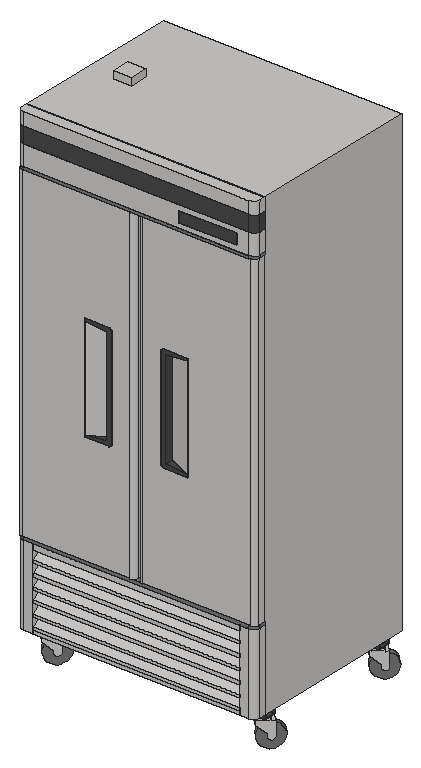
Revit family "QF_Turbo Air_TSR-35_49SD", category Specialty Equipment, Revit 2014
Parameters (values of type "TSR-35SD")
  Width = 39 1/2"
  Weight in Pounds = 357
  Watermarked By = "http://revitwatermark.com"
  Volts = 115 V
  URL Cutsheet = ""
  URL = ""
  Status [instance] = ""
  Specification by User [instance] = ""
  Specification by Manufacturer [instance] = ""
  Serial Number [instance] = ""
  Revision Code [instance] = ""
  Pressure Relief Valve = yes
  Phase = 1
  Number of Poles [instance] = 1
  NAFEM Spec ID Number [instance] = ""
  Model = "TSR-35SD"
  Masterspec [instance] = ""
  Manufacturer = "Turbo Air"  # constant formula
  Legs [instance] = [6 Inch Legs]  # no
  Item Number [instance] = "-"
  Installed By [instance] = ""
  HP = "1/3"
  Furnished By [instance] = ""
  Foodservice Equipment Identifier = yes
  FL Amps = 9 A
  Electrical Remarks [instance] = ""
  Electric Connection Type [instance] = ""
  Elec Conn RI Height [instance] = 0"
  Elec Conn Connection Height = 77 7/8"
  Door Width = 17 3/4"
  Door Height = 54 1/2"
  Description = "Refrigerator, Reach-In"
  Depth = 30 3/8"  # constant formula
  Cycle = 60 Hz
  Conn Plug = "NEMA 5-15P"
  Casters [instance] = or([4 Inch Casters], [5 Inch Casters])  # yes
  CasterLeg Height [instance] = if([4 Inch Casters], 5", if([5 Inch Casters], 5 3/4", 6"))  # 5"
  Cabinet Height = 77"
  CSI MasterFormat = "11 41 13"
  Assembly Code = "E1090320"
  Apparent Power = if(Phase = 1, Volts * FL Amps * 1.73, Volts * FL Amps)  # 1790.55 VA
  6 Inch Legs [instance] = no
  5 Inch Casters [instance] = no
  4 Inch Casters [instance] = yes
Types (3): name | Width | Weight in Pounds | Pressure Relief Valve | Model | FL Amps | Door Width | Apparent Power
  (no name) | 39 1/2" | 357 | yes | "TSR-35SD" | 9 A | 17 3/4" | 1790.55 VA
  TSR-35SD | 39 1/2" | 357 | yes | "TSR-35SD" | 9 A | 17 3/4" | 1790.55 VA
  TSR-49SD | 54 3/8" | 427 | no | "TSR-49SD" | 9.2 A | 25 1/2" | 1830.34 VA
Reference planes (in)
  plane 1 "BACK": y = 0
  plane 2 "BOTTOM": z = 0
  plane 3 "LEFT": x = -21.59155
  plane 4 "RIGHT": x = 17.90845
  plane 5 "FRONT": y = -30.375
  plane 6 "TOP": z = 83.25
  plane 7 "Bottom of Box": z = 6.25
  plane 8 "Back of Door": y = -28.375
  plane 9 "Bottom of Top Reach-In": z = 75.125
  plane 10 "Bottom of Door": z = 20.125
  plane 11 "Bottom of Bottom Reach-In": z = 6.75
  plane 12: z = 19.625
  plane 13: y = -0.25
  plane 14 "Top 1": z = 81.25
  plane 15 "Top 2": z = 78.625
  plane 16: z = 74.625
  plane 17: x = -1.84155
  plane 18: x = -1.59155
  plane 19: x = -2.09155
  plane 20: y = -48.125
  plane 21: z = 5
  plane 22: z = 84.375
Forms (in)
  Extrusion 1, solid, material "QF_Stainless-Polished-Brushed"
    sketch origin (0, -28.375, 0) x (1, 0, 0) y (0, 0, 1)
      loop
        line (-19.02905, 19.625) -> (-19.02905, 18.75) -> (15.34595, 18.75) -> (15.34595, 19.625) -> (-19.02905, 19.625)
    from 0 to 2
  Blend 2, solid, material "QF_Stainless-Polished-Brushed"
    base sketch origin (0, -28.375, 1.5) x (1, 0, 0) y (0, 0, 1)
      loop
        line (-19.02905, 17.25) -> (-19.02905, 15.25) -> (15.34595, 15.25) -> (15.34595, 17.25) -> (-19.02905, 17.25)
    top sketch origin (0, -28.375, 1.5) x (1, 0, 0) y (0, 0, 1)
      loop
        line (-19.02905, 15.25) -> (15.34595, 15.25) -> (15.34595, 15.75) -> (-19.02905, 15.75) -> (-19.02905, 15.25)
    from 0 to 2
  Blend 3, solid, material "QF_Stainless-Polished-Brushed"
    base sketch origin (0, -28.375, -0.5) x (1, 0, 0) y (0, 0, 1)
      loop
        line (-19.02905, 17.25) -> (-19.02905, 15.25) -> (15.34595, 15.25) -> (15.34595, 17.25) -> (-19.02905, 17.25)
    top sketch origin (0, -28.375, -0.5) x (1, 0, 0) y (0, 0, 1)
      loop
        line (-19.02905, 15.25) -> (15.34595, 15.25) -> (15.34595, 15.75) -> (-19.02905, 15.75) -> (-19.02905, 15.25)
    from 0 to 2
  Blend 4, solid, material "QF_Stainless-Polished-Brushed"
    base sketch origin (0, -28.375, -2.5) x (1, 0, 0) y (0, 0, 1)
      loop
        line (-19.02905, 17.25) -> (-19.02905, 15.25) -> (15.34595, 15.25) -> (15.34595, 17.25) -> (-19.02905, 17.25)
    top sketch origin (0, -28.375, -2.5) x (1, 0, 0) y (0, 0, 1)
      loop
        line (-19.02905, 15.25) -> (15.34595, 15.25) -> (15.34595, 15.75) -> (-19.02905, 15.75) -> (-19.02905, 15.25)
    from 0 to 2
  Blend 5, solid, material "QF_Stainless-Polished-Brushed"
    base sketch origin (0, -28.375, -4.5) x (1, 0, 0) y (0, 0, 1)
      loop
        line (-19.02905, 17.25) -> (-19.02905, 15.25) -> (15.34595, 15.25) -> (15.34595, 17.25) -> (-19.02905, 17.25)
    top sketch origin (0, -28.375, -4.5) x (1, 0, 0) y (0, 0, 1)
      loop
        line (-19.02905, 15.25) -> (15.34595, 15.25) -> (15.34595, 15.75) -> (-19.02905, 15.75) -> (-19.02905, 15.25)
    from 0 to 2
  Blend 6, solid, material "QF_Stainless-Polished-Brushed"
    base sketch origin (0, -28.375, -6.5) x (1, 0, 0) y (0, 0, 1)
      loop
        line (-19.02905, 17.25) -> (-19.02905, 15.25) -> (15.34595, 15.25) -> (15.34595, 17.25) -> (-19.02905, 17.25)
    top sketch origin (0, -28.375, -6.5) x (1, 0, 0) y (0, 0, 1)
      loop
        line (-19.02905, 15.25) -> (15.34595, 15.25) -> (15.34595, 15.75) -> (-19.02905, 15.75) -> (-19.02905, 15.25)
    from 0 to 2
  Blend 7, solid, material "QF_Stainless-Polished-Brushed"
    base sketch origin (0, -28.375, -8.5) x (1, 0, 0) y (0, 0, 1)
      loop
        line (-19.02905, 17.25) -> (-19.02905, 15.25) -> (15.34595, 15.25) -> (15.34595, 17.25) -> (-19.02905, 17.25)
    top sketch origin (0, -28.375, -8.5) x (1, 0, 0) y (0, 0, 1)
      loop
        line (-19.02905, 15.25) -> (15.34595, 15.25) -> (15.34595, 15.75) -> (-19.02905, 15.75) -> (-19.02905, 15.25)
    from 0 to 2
  Extrusion 8, solid, material "QF_Stainless-Polished-Brushed"
    sketch origin (0, 0, 0) x (1, 0, 0) y (0, 0, 1)
      loop
        circle (-17.71449, 77.3727) r 0.25
    from 0 to -0.25
  Extrusion 9, solid, material "QF_Stainless-Polished-Brushed"
    sketch origin (0, 0, 0) x (1, 0, 0) y (0, 0, 1)
      loop
        line (-21.59155, 83.25) -> (-21.59155, 19.625) -> (17.90845, 19.625) -> (17.90845, 83.25) -> (-21.59155, 83.25)
      loop
        line (15.90845, 20.125) -> (15.90845, 81.25) -> (-19.59155, 81.25) -> (-19.59155, 20.125) -> (15.90845, 20.125)
    from 0 to 28.375
  Extrusion 10, solid, material "QF_Stainless-Polished-Brushed"
    sketch origin (0, 0, 0) x (1, 0, 0) y (0, 0, 1)
      loop
        line (-19.59155, 81.25) -> (-19.59155, 20.125) -> (15.90845, 20.125) -> (15.90845, 81.25) -> (-19.59155, 81.25)
    from 0 to 0.25
  Extrusion 11, solid, material "QF_Stainless-Polished-Brushed"
    sketch origin (0, 0, 6.25) x (0, 1, 0) y (-1, 0, 0)
      loop
        line (0, 21.59155) -> (-28.375, 21.59155) -> (-28.375, -17.90845) -> (0, -17.90845) -> (0, 21.59155)
    from 0 to 13.375
  Extrusion 12, solid, material "QF_Stainless-Polished-Brushed"
    sketch origin (0, 0, 6.25) x (0, 1, 0) y (-1, 0, 0)
      loop
        line (-28.375, 21.59155) -> (-29.375, 21.59155)
        arc (-29.375, 21.59155) -> (-30.08211, 21.29865) -> (-30.375, 20.59155) r 1
        line (-30.375, 20.59155) -> (-30.375, 19.02905) -> (-28.375, 19.02905) -> (-28.375, 21.59155)
      loop
        line (-28.375, -17.90845) -> (-28.375, -15.34595) -> (-30.375, -15.34595) -> (-30.375, -16.90845)
        arc (-30.375, -16.90845) -> (-30.08211, -17.61556) -> (-29.375, -17.90845) r 1
        line (-29.375, -17.90845) -> (-28.375, -17.90845)
    from 0 to 13.375
  Extrusion 13, solid, material "QF_Stainless-Polished-Brushed"
    sketch origin (0, -30.375, 0) x (1, 0, 0) y (0, 0, 1)
      loop
        line (-19.02905, 6.75) -> (-19.02905, 6.25) -> (15.34595, 6.25) -> (15.34595, 6.75) -> (-19.02905, 6.75)
    from 0 to -2
  Extrusion 14, solid, material "QF_Stainless-Polished-Brushed"
    sketch origin (0, 0, 83.25) x (0, 1, 0) y (-1, 0, 0)
      loop
        line (-28.375, 21.59155) -> (-29.375, 21.59155)
        arc (-29.375, 21.59155) -> (-30.08211, 21.29865) -> (-30.375, 20.59155) r 1
        line (-30.375, 20.59155) -> (-30.375, -16.90845)
        arc (-30.375, -16.90845) -> (-30.08211, -17.61556) -> (-29.375, -17.90845) r 1
        line (-29.375, -17.90845) -> (-28.375, -17.90845) -> (-28.375, 21.59155)
    from 0 to -2
  Extrusion 15, solid, material "QF_Plastic-Black-Coarse"
    sketch origin (0, 0, 81.25) x (-1, 0, 0) y (0, -1, 0)
      loop
        line (21.59155, 28.375) -> (21.59155, 29.375)
        arc (21.59155, 29.375) -> (21.29865, 30.08211) -> (20.59155, 30.375) r 1
        line (20.59155, 30.375) -> (-16.90845, 30.375)
        arc (-16.90845, 30.375) -> (-17.61556, 30.08211) -> (-17.90845, 29.375) r 1
        line (-17.90845, 29.375) -> (-17.90845, 28.375) -> (21.59155, 28.375)
    from 0 to -2.625
  Extrusion 16, solid, material "QF_Stainless-Polished-Brushed"
    sketch origin (0, 0, 78.625) x (-1, 0, 0) y (0, -1, 0)
      loop
        line (21.59155, 28.375) -> (21.59155, 29.375)
        arc (21.59155, 29.375) -> (21.29865, 30.08211) -> (20.59155, 30.375) r 1
        line (20.59155, 30.375) -> (-16.90845, 30.375)
        arc (-16.90845, 30.375) -> (-17.61556, 30.08211) -> (-17.90845, 29.375) r 1
        line (-17.90845, 29.375) -> (-17.90845, 28.375) -> (21.59155, 28.375)
    from 0 to -3.5
  Extrusion 17, void
    sketch origin (0, -28.375, 0) x (1, 0, 0) y (0, 0, 1)
      loop
        line (5.28345, 77.75) -> (5.28345, 75.9375) -> (14.78345, 75.9375) -> (14.78345, 77.75) -> (5.28345, 77.75)
    from 0 to 2
  Extrusion 18, solid, material "QF_Plastic-Black-Coarse"
    sketch origin (0, -28.375, 0) x (1, 0, 0) y (0, 0, 1)
      loop
        line (5.28345, 77.75) -> (5.28345, 75.9375) -> (14.78345, 75.9375) -> (14.78345, 77.75) -> (5.28345, 77.75)
    from 0 to 2
  Extrusion 19, solid, material "QF_Plastic-Dark Gray"
    sketch origin (0, 0, 75.125) x (0, 1, 0) y (-1, 0, 0)
      loop
        line (-28.375, 21.59155) -> (-29.375, 21.59155)
        arc (-29.375, 21.59155) -> (-30.08211, 21.29865) -> (-30.375, 20.59155) r 1
        line (-30.375, 20.59155) -> (-30.375, -16.90845)
        arc (-30.375, -16.90845) -> (-30.08211, -17.61556) -> (-29.375, -17.90845) r 1
        line (-29.375, -17.90845) -> (-28.375, -17.90845) -> (-28.375, 21.59155)
    from 0 to -0.5
  Extrusion 20, solid, material "QF_Plastic-Dark Gray"
    sketch origin (0, 0, 20.125) x (0, 1, 0) y (-1, 0, 0)
      loop
        line (-28.375, 21.59155) -> (-29.375, 21.59155)
        arc (-29.375, 21.59155) -> (-30.08211, 21.29865) -> (-30.375, 20.59155) r 1
        line (-30.375, 20.59155) -> (-30.375, -16.90845)
        arc (-30.375, -16.90845) -> (-30.08211, -17.61556) -> (-29.375, -17.90845) r 1
        line (-29.375, -17.90845) -> (-28.375, -17.90845) -> (-28.375, 21.59155)
    from 0 to -0.5
  Extrusion 21, solid, material "QF_Plastic-Dark Gray"
    sketch origin (0, -28.375, 0) x (1, 0, 0) y (0, 0, 1)
      loop
        line (-2.09155, 74.625) -> (-2.09155, 20.125) -> (-1.59155, 20.125) -> (-1.59155, 74.625) -> (-2.09155, 74.625)
    from 0 to 0.65786
  Extrusion 22, solid, material "QF_Plastic-Black-Coarse"
    sketch origin (-21.59155, 0, 0) x (0, 1, 0) y (0, 0, 1)
      loop
        line (-4, 5) -> (-2, 5) -> (-2, 6.25) -> (-2.125, 6.25) -> (-2.125, 5.125) -> (-3.875, 5.125) -> (-3.875, 6.25) -> (-4, 6.25) -> (-4, 5)
      loop
        line (-27.625, 5) -> (-25.625, 5) -> (-25.625, 6.25) -> (-25.75, 6.25) -> (-25.75, 5.125) -> (-27.5, 5.125) -> (-27.5, 6.25) -> (-27.625, 6.25) -> (-27.625, 5)
    from 0.5 to 39
  Extrusion 23, solid, material "QF_Stainless-Polished-Brushed", visible <- "Pressure Relief Valve"
    sketch origin (0, 0, 75.125) x (0, 1, 0) y (-1, 0, 0)
      loop
        line (-13.11373, 17.02465) -> (-16.11373, 17.02465) -> (-16.11373, 14.02465) -> (-13.11373, 14.02465) -> (-13.11373, 17.02465)
    from 8.125 to 9.25
Cuts and joins
  joined: Extrusion 9, Extrusion 10, Extrusion 11
  Extrusion 17 cuts Extrusion 16
Lines and regions (in)
  symbolic lines
    curve 1: line (17.90845, 0, 6.75) -> (-21.59155, 0, 6.75)
    curve 2: line (-21.59155, 0, 6.75) -> (-21.59155, -28.375, 6.75)
    curve 3: line (17.90845, -28.375, 6.75) -> (17.90845, 0, 6.75)
    curve 4: line (17.90845, -29.375, 6.75) -> (17.90845, -28.375, 6.75)
    curve 5: arc (17.90845, -29.375, 6.75) -> (17.61556, -30.08211, 6.75) -> (16.90845, -30.375, 6.75) r 1
    curve 6: line (-20.59155, -30.375, 6.75) -> (16.90845, -30.375, 6.75)
    curve 7: arc (-20.59155, -30.375, 6.75) -> (-21.29865, -30.08211, 6.75) -> (-21.59155, -29.375, 6.75) r 1
    curve 8: line (-21.59155, -28.375, 6.75) -> (-21.59155, -29.375, 6.75)
  symbolic lines, style "QF_Details_Surface"
    curve 9: line (-21.59155, -28.375, 6.75) -> (17.90845, -28.375, 6.75)
  symbolic lines, style "QF_Clearances_Door_Drawer", detail levels coarse
    curve 10: line (-21.59155, -30.375, 75.125) -> (-21.59155, -48.125, 75.125)
    curve 11: line (17.90845, -30.375, 75.125) -> (17.90845, -48.125, 75.125)
    curve 14: arc (-1.59155, -30.375, 75.125) -> (5.76063, -41.88423, 75.125) -> (17.90845, -48.125, 75.125) r 26.18056
    curve 15: arc (-2.09155, -30.375, 75.125) -> (-9.44372, -41.88423, 75.125) -> (-21.59155, -48.125, 75.125) r 26.18056
  symbolic lines, style "QF_Clearances_Door_Drawer", detail levels medium+fine
    curve 12: line (17.90845, -30.375, 75.125) -> (-1.59155, -30.375, 75.125)
    curve 13: line (-2.09155, -30.375, 75.125) -> (-21.59155, -30.375, 75.125)
  symbolic lines, style "QF_Details_Surface", visible <- "Pressure Relief Valve"
    curve 16: line (-17.02465, -13.11373, 75.125) -> (-14.02465, -13.11373, 75.125)
    curve 17: line (-17.02465, -16.11373, 75.125) -> (-17.02465, -13.11373, 75.125)
    curve 18: line (-14.02465, -16.11373, 75.125) -> (-17.02465, -16.11373, 75.125)
    curve 19: line (-14.02465, -13.11373, 75.125) -> (-14.02465, -16.11373, 75.125)
Dimensions and locks (in)
  "Width": plane 4 "RIGHT" to plane 3 "LEFT"
  "Depth": plane 5 "FRONT" to plane 1 "BACK"
  locked: plane 3 "LEFT" to nested 1 at 2
  locked: nested 1 to plane 1 "BACK" at 3
  locked: nested 2 to plane 4 "RIGHT" at 2
  locked: nested 2 to plane 1 "BACK" at 3
  locked: plane 3 "LEFT" to nested 3 at 2
  locked: nested 4 to plane 4 "RIGHT" at 2
  locked: plane 8 "Back of Door" to plane 1 "BACK" at 28.375
  locked: plane 11 "Bottom of Bottom Reach-In" to plane 7 "Bottom of Box" at 0.5
  locked: plane 10 "Bottom of Door" to plane 11 "Bottom of Bottom Reach-In" at 13.375
  locked: plane 10 "Bottom of Door" to plane 12 at 0.5
  locked: Extrusion 1 sketch curve to Extrusion 1 sketch curve at 0.875
  "Cabinet Height": plane 6 "TOP" to plane 7 "Bottom of Box"
  locked: plane 1 "BACK" to plane 13 at 0.25
  locked: Extrusion 9 sketch curve to Extrusion 9 sketch curve at 2  (x3)
  locked: plane 6 "TOP" to plane 14 "Top 1" at 2
  locked: plane 14 "Top 1" to plane 15 "Top 2" at 2.625
  locked: plane 5 "FRONT" to nested 3 at 3.75
  locked: plane 5 "FRONT" to nested 4 at 3.75
  locked: Extrusion 17 sketch curve to plane 4 "RIGHT" at 3.125
  locked: Extrusion 17 sketch curve to Extrusion 17 sketch curve at 9.5
  locked: Extrusion 18 sketch curve to plane 4 "RIGHT" at 3.125
  locked: Extrusion 18 sketch curve to Extrusion 18 sketch curve at 9.5
  locked: plane 15 "Top 2" to Extrusion 18 sketch curve at 0.875
  locked: Extrusion 18 sketch curve to plane 9 "Bottom of Top Reach-In" at 0.8125
  locked: plane 15 "Top 2" to Extrusion 17 sketch curve at 0.875
  locked: Extrusion 17 sketch curve to plane 9 "Bottom of Top Reach-In" at 0.8125
  locked: plane 9 "Bottom of Top Reach-In" to plane 16 at 0.5
  "Door Height": plane 16 to plane 10 "Bottom of Door"
  equal spacing: plane 3 "LEFT", plane 17, plane 4 "RIGHT"
  equal spacing: plane 19, plane 17, plane 18
  locked: plane 19 to plane 18 at 0.5
  "Door Width": plane 20 to plane 5 "FRONT"
  locked: plane 7 "Bottom of Box" to plane 21 at 1.25
  "CasterLeg Height": plane 21 to level
  locked: Extrusion 22 sketch curve to plane 21 at 0.125  (x2)
  locked: plane 4 "RIGHT" to Extrusion 22 at 0.5
  locked: plane 22 to plane 6 "TOP" at 1.125
  aligned and locked: level to plane 2 "BOTTOM"
  aligned and locked: plane 5 "FRONT" to Extrusion 1
  aligned and locked: Blend 2 sketch curve to var sketch  (x2)
  aligned and locked: plane 5 "FRONT" to Blend 2
  aligned and locked: Blend 3 sketch curve to var sketch  (x2)
  aligned and locked: Blend 4 sketch curve to var sketch  (x2)
  aligned and locked: Blend 5 sketch curve to var sketch  (x2)
  aligned and locked: Blend 6 sketch curve to var sketch  (x2)
  aligned and locked: Blend 7 sketch curve to var sketch  (x2)
  aligned and locked: Extrusion 9 sketch curve to plane 4 "RIGHT"
  aligned and locked: plane 12 to Extrusion 9 sketch curve
  aligned and locked: Extrusion 10 sketch curve to Extrusion 9  (x4)
  aligned and locked: plane 13 to Extrusion 10
  aligned and locked: Extrusion 11 sketch curve to curve 1
  aligned and locked: Extrusion 11 sketch curve to curve 2
  aligned and locked: Extrusion 11 sketch curve to curve 3
  aligned and locked: plane 12 to Extrusion 11
  aligned and locked: Extrusion 12 sketch curve to plane 3 "LEFT"
  aligned and locked: Extrusion 12 sketch curve to plane 5 "FRONT"
  aligned and locked: Extrusion 12 sketch curve to plane 4 "RIGHT"
  aligned and locked: plane 5 "FRONT" to Extrusion 12 sketch curve
  aligned and locked: plane 12 to Extrusion 12
  aligned and locked: Extrusion 13 sketch curve to Blend 7  (x2)
  aligned and locked: Extrusion 13 sketch curve to Extrusion 12
  aligned and locked: Extrusion 12 to Extrusion 13 sketch curve
  aligned and locked: Extrusion 13 to plane 8 "Back of Door"
  aligned and locked: plane 8 "Back of Door" to Extrusion 9
  aligned and locked: Extrusion 14 sketch curve to curve 9
  aligned and locked: Extrusion 14 sketch curve to curve 2
  aligned and locked: Extrusion 14 sketch curve to plane 5 "FRONT"
  aligned and locked: Extrusion 14 sketch curve to plane 4 "RIGHT"
  aligned and locked: Extrusion 14 to plane 14 "Top 1"
  aligned and locked: Extrusion 15 sketch curve to plane 4 "RIGHT"
  aligned and locked: Extrusion 15 sketch curve to plane 5 "FRONT"
  aligned and locked: plane 8 "Back of Door" to Extrusion 15 sketch curve
  aligned and locked: plane 3 "LEFT" to Extrusion 15 sketch curve
  aligned and locked: Extrusion 15 to plane 15 "Top 2"
  aligned and locked: Extrusion 16 sketch curve to curve 9
  aligned and locked: Extrusion 16 sketch curve to curve 2
  aligned and locked: Extrusion 16 sketch curve to plane 5 "FRONT"
  aligned and locked: Extrusion 16 sketch curve to plane 4 "RIGHT"
  aligned and locked: Extrusion 16 to plane 9 "Bottom of Top Reach-In"
  aligned and locked: plane 5 "FRONT" to Extrusion 17
  aligned and locked: plane 5 "FRONT" to Extrusion 18
  aligned and locked: plane 5 "FRONT" to Blend 3
  aligned and locked: plane 5 "FRONT" to Blend 4
  aligned and locked: plane 5 "FRONT" to Blend 5
  aligned and locked: plane 5 "FRONT" to Blend 6
  aligned and locked: plane 5 "FRONT" to Blend 7
  aligned and locked: plane 19 to nested 5
  aligned and locked: plane 10 "Bottom of Door" to nested 5
  aligned and locked: plane 18 to nested 6
  aligned and locked: plane 4 "RIGHT" to nested 6
  aligned and locked: nested 6 to plane 10 "Bottom of Door"
  aligned and locked: Extrusion 19 sketch curve to curve 9
  aligned and locked: Extrusion 19 sketch curve to curve 2
  aligned and locked: Extrusion 19 sketch curve to nested 6  (x2)
  aligned and locked: Extrusion 19 to plane 16
  aligned and locked: Extrusion 20 sketch curve to curve 9
  aligned and locked: Extrusion 20 sketch curve to curve 2
  aligned and locked: Extrusion 20 sketch curve to nested 6  (x2)
  aligned and locked: Extrusion 20 to plane 12
  aligned and locked: nested 5 to Extrusion 21 sketch curve
  aligned and locked: Extrusion 21 sketch curve to nested 5
  aligned and locked: Extrusion 21 sketch curve to nested 6  (x2)
  aligned and locked: plane 20 to curve 15
  aligned and locked: plane 19 to curve 15
  aligned and locked: plane 7 "Bottom of Box" to Extrusion 22 sketch curve  (x2)
  aligned and locked: Extrusion 22 sketch curve to plane 7 "Bottom of Box"  (x2)
  aligned and locked: plane 21 to Extrusion 22 sketch curve  (x2)
  aligned and locked: plane 22 to Extrusion 23
  aligned and locked: Extrusion 23 to plane 6 "TOP"
Automatic sketch dimensions
  plane 3 "LEFT" to Blend 4 sketch curve = 2 9/16"
  Blend 4 sketch curve to plane 4 "RIGHT" = 2 9/16"
  plane 11 "Bottom of Bottom Reach-In" to Blend 4 sketch curve = 6"  (x2)
  Blend 4 sketch curve to Blend 4 sketch curve = 2"
  Blend 4 sketch curve to Blend 4 sketch curve = 1/2"
  plane 3 "LEFT" to Blend 5 sketch curve = 2 9/16"
  Blend 5 sketch curve to plane 4 "RIGHT" = 2 9/16"
  plane 11 "Bottom of Bottom Reach-In" to Blend 5 sketch curve = 4"  (x2)
  Blend 5 sketch curve to Blend 5 sketch curve = 2"
  Blend 5 sketch curve to Blend 5 sketch curve = 1/2"
  plane 3 "LEFT" to Blend 6 sketch curve = 2 9/16"
  Blend 6 sketch curve to plane 4 "RIGHT" = 2 9/16"
  plane 11 "Bottom of Bottom Reach-In" to Blend 6 sketch curve = 2"  (x2)
  Blend 6 sketch curve to Blend 6 sketch curve = 2"
  Blend 6 sketch curve to Blend 6 sketch curve = 1/2"
  Blend 7 sketch curve to plane 11 "Bottom of Bottom Reach-In" = 0"  (x2)
  plane 3 "LEFT" to Blend 7 sketch curve = 2 9/16"
  Blend 7 sketch curve to plane 4 "RIGHT" = 2 9/16"
  plane 11 "Bottom of Bottom Reach-In" to Blend 7 sketch curve = 2"
  plane 11 "Bottom of Bottom Reach-In" to Blend 7 sketch curve = 1/2"
  Extrusion 15 sketch curve to Extrusion 15 sketch curve = 1"
  plane 3 "LEFT" to Extrusion 15 sketch curve = 1"
  Extrusion 1 sketch curve to plane 12 = 0"
  plane 3 "LEFT" to Extrusion 1 sketch curve = 2 9/16"
  Extrusion 1 sketch curve to plane 4 "RIGHT" = 2 9/16"
  plane 3 "LEFT" to Blend 2 sketch curve = 2 9/16"
  Blend 2 sketch curve to plane 4 "RIGHT" = 2 9/16"
  Blend 2 sketch curve to plane 12 = 2 7/8"  (x2)
  Blend 2 sketch curve to plane 12 = 7/8"
  Blend 2 sketch curve to Blend 2 sketch curve = 1/2"
  plane 3 "LEFT" to Blend 3 sketch curve = 2 9/16"
  Blend 3 sketch curve to plane 4 "RIGHT" = 2 9/16"
  Blend 3 sketch curve to plane 12 = 4 7/8"  (x2)
  Blend 3 sketch curve to Blend 3 sketch curve = 2"
  Blend 3 sketch curve to Blend 3 sketch curve = 1/2"
  plane 5 "FRONT" to curve 7 = 0"
  curve 8 to plane 3 "LEFT" = 0"
  curve 4 to plane 4 "RIGHT" = 0"
  plane 8 "Back of Door" to curve 8 = 0"
  plane 1 "BACK" to curve 2 = 0"
  plane 3 "LEFT" to curve 7 = 1"
  curve 4 to plane 5 "FRONT" = 1"
  Extrusion 8 sketch curve to plane 15 "Top 2" = 1.2523"
  plane 3 "LEFT" to Extrusion 8 sketch curve = 3.87706"
  Extrusion 9 sketch curve to plane 3 "LEFT" = 0"
  Extrusion 9 sketch curve to plane 10 "Bottom of Door" = 0"
  Extrusion 9 sketch curve to plane 14 "Top 1" = 0"
  plane 8 "Back of Door" to Extrusion 11 sketch curve = 0"
  plane 8 "Back of Door" to Extrusion 12 sketch curve = 0"  (x2)
  Extrusion 12 sketch curve to Extrusion 12 sketch curve = 1"  (x2)
  Extrusion 12 sketch curve to Extrusion 12 sketch curve = 1 9/16"  (x2)
  Extrusion 14 sketch curve to plane 5 "FRONT" = 1"  (x2)
  Extrusion 16 sketch curve to plane 4 "RIGHT" = 1"
  plane 3 "LEFT" to Extrusion 16 sketch curve = 1"
  Extrusion 19 sketch curve to plane 5 "FRONT" = 1"  (x2)
  Extrusion 20 sketch curve to Extrusion 20 sketch curve = 1"
  Extrusion 20 sketch curve to plane 5 "FRONT" = 1"
  Extrusion 22 sketch curve to plane 8 "Back of Door" = 3/4"
  Extrusion 22 sketch curve to Extrusion 22 sketch curve = 1/8"  (x4)
  Extrusion 22 sketch curve to Extrusion 22 sketch curve = 1 3/4"  (x2)
  plane 13 to Extrusion 22 sketch curve = 3 3/4"
  plane 3 "LEFT" to Extrusion 23 sketch curve = 4.56689"
  Extrusion 23 sketch curve to plane 8 "Back of Door" = 12.26127"
  Extrusion 23 sketch curve to Extrusion 23 sketch curve = 3"  (x2)
  curve 14 to plane 4 "RIGHT" = 0"
  plane 20 to curve 14 = 0"
  plane 5 "FRONT" to curve 11 = 0"
  plane 5 "FRONT" to curve 13 = 0"
  curve 12 to plane 18 = 0"
  curve 10 to plane 3 "LEFT" = 0"
  plane 4 "RIGHT" to curve 14 = 5.47548"
  curve 15 to plane 3 "LEFT" = 5.47548"
  plane 3 "LEFT" to curve 18 = 4.56689"
  curve 15 to curve 18 = 6.40969"
  curve 17 to curve 17 = 3"
  curve 19 to curve 17 = 3"
  radius of Extrusion 8 sketch curve = 1/4"
Nested families (in)
  nested 1: "FESCasterLeg" at (-19.59155, -3, 0), Height <- "CasterLeg Height", Legs <- "Legs", Casters <- "Casters", type "FESCasterLeg"
    with Legs no, Height 5", Casters yes, Caster Radius 2"
  nested 2: "FESCasterLeg" at (15.90845, -3, 0), Height <- "CasterLeg Height", Legs <- "Legs", Casters <- "Casters", type "FESCasterLeg"
    with Legs no, Height 5", Casters yes, Caster Radius 2"
  nested 3: "FESCasterLeg" at (-19.59155, -26.625, 0), Height <- "CasterLeg Height", Legs <- "Legs", Casters <- "Casters", type "FESCasterLeg"
    with Legs no, Height 5", Casters yes, Caster Radius 2"
  nested 4: "FESCasterLeg" at (15.90845, -26.625, 0), Height <- "CasterLeg Height", Legs <- "Legs", Casters <- "Casters", type "FESCasterLeg"
    with Legs no, Height 5", Casters yes, Caster Radius 2"
  nested 5: "QF_Turbo Air_RI_J_TS-Door" at (-17.26821, -28.5625, 20.125) x (-1, 0, 0) z (0, 0, 1), Height <- "Door Height", type "QF_Turbo Air_RI_J_TS-Door"
    with Width 19 1/2", Symbolic Lines yes, Height 54 1/2", Handle Height 17 11/16", Handle Center Height 27 1/4", Depth 1 13/16"
  nested 6: "QF_Turbo Air_RI_J_TS-Door" at (13.58512, -28.5625, 20.125), Height <- "Door Height", type "QF_Turbo Air_RI_J_TS-Door"
    with Width 19 1/2", Symbolic Lines yes, Height 54 1/2", Handle Height 17 11/16", Handle Center Height 27 1/4", Depth 1 13/16"
Connectors (in)
  electrical at (-17.71449, 0.25, 77.3727), driven by "Number of Poles", driven by "Volts", driven by "Apparent Power"
    settings: on Extrusion 8, index 1, voltage 115 V, apparent load 1790.55 VA, apparent load phase1 0 VA, apparent load phase2 0 VA, apparent load phase3 0 VA, power factor 1, load classification "Other", number of poles 1, system type 30, power factor state 1, is connector primary yes, connector utility no, sub classification motor no, connector description "ELECTRIC"
Definition of nested family "FESCasterLeg"
  Parameters (values of type "FESCasterLeg")
    Watermarked By = "http://revitwatermark.com"
    Type Comments = "⍁⍉⌁⌀⏭⎽⌇⍠⌜⍉⎖⌥⌦⌯⍭⏊⍻⍿⍊⏵⍊⏗⏠⍴⎡⌈⎀⍠⌓⌤⏘⎐⍀⌐⏬⏁⎈⏍⏦⎒⏬⌝⍩⍇⌣〈⎫〉⎁⏊⍥⍖⍥⍝⍦⌖⍀⏌⏭⎝⎼⏷⏞⍻⏯⎽⏷⏞⍻⏯⎽⏷⎺⌻⎝⍎⌧⏷⏟⏿⌿⍜⍦⍤⌁⍬⏶⏎⍊⏚⏉⎞⌡⎀⎪⏈⌟⌿⍾⍼⌟⌿⌢⌞⏜⏝⎽⍷⍷⍯⍧⍷⌯⍽⏸⏨⏾⏎⌣⏺⍹⏼⏅⎏⌽⎫⎪⍙⎓⏗⎗⏅⌴⍏⍏⍿⏑⎺⍘⌭⏲⍥⎛⎾⎾⍞⍌⎪⎲⌙⎥⏏⎟⎟⏼⏘⎏⎝⏧⏍⏁⍏⍧⏯⏾⌟"
    Legs [instance] = yes
    Height [instance] = 6"
    Caster Radius [instance] = if(Height < 3", 1", (Height / 2) - 1/2")  # 2 1/2"
    Casters [instance] = yes
    Assembly Code = ""
  Reference planes (in)
    plane 1 "Center (Front/Back)": y = 0
    plane 2: z = 0
    plane 3 "Center (Left/Right)": x = 0
    plane 4: z = 6
    plane 5: z = 5.5
  Forms (in)
    Extrusion 1, solid, material "QF_Stainless-Polished-Brushed", visible <- "Casters"
      sketch origin (-24.12131, -22.88887, 10.18833) x (0.707107, 0.707107, 0) y (0, 0, 1)
        loop
          line (34.98772, -7.68833) -> (34.98772, -4.93833) -> (34.48772, -4.93833) -> (34.39402, -4.68833) -> (32.39402, -4.68833) -> (32.39402, -5.43833) -> (33.98772, -7.34206) -> (33.98772, -7.68833)
          arc (33.98772, -7.68833) -> (34.48772, -8.18833) -> (34.98772, -7.68833) r 0.5
      from 0 to 1.75
    Extrusion 2, solid, material "QF_Rubber-Black", visible <- "Casters"
      sketch origin (-24.32327, -23.09083, 13.31461) x (0.707107, 0.707107, 0) y (0, 0, 1)
        loop
          circle (34.77334, -10.81461) r 2.5
      from 0.375 to 1.375
    Extrusion 3, solid, material "QF_Stainless-Polished-Brushed", visible <- "Casters"
      sketch origin (-7.24148, -8.48391, 0) x (0.707107, 0.707107, 0) y (0, 0, 1)
        loop
          line (10.61603, 5.5) -> (11.61603, 5.5) -> (11.61603, 6) -> (10.61603, 6) -> (10.61603, 5.5)
      from 0 to -1.75
    Blend 4, solid, material "QF_Stainless-Polished-Brushed", visible <- "Legs"
      base sketch origin (0, 0, 0) x (1, 0, 0) y (0, 1, 0)
        loop
          circle (0, 0) r 0.5
      top sketch origin (0, 0, 0) x (1, 0, 0) y (0, 1, 0)
        loop
          circle (0, 0) r 1
      from 0 to 6 <- "Height"
  Lines and regions (in)
    symbolic lines, style "QF_Hidden Details", visible <- "Casters", built-in parameter 1006206 <- "Casters"
      curve 1: line (-1.26158, -0.51911, 0) -> (1.39007, 2.13254, 0)
      curve 2: line (-0.53429, -1.24639, 0) -> (2.11736, 1.40526, 0)
    symbolic lines, style "QF_Hidden Details", built-in parameter 1006206 <- "Casters", visible <- "Casters"
      curve 3: line (-1.26158, -0.51911, 0) -> (1.39007, 2.13254, 0)
      curve 4: line (-0.53429, -1.24639, 0) -> (2.11736, 1.40526, 0)
  Dimensions and locks (in)
    locked: plane 4 to plane 5 at 0.5
    "Height": plane 4 to level
    "Caster Radius": Extrusion 2 sketch curve to level
    "Caster Radius": Extrusion 1 sketch curve to level
    "Caster Radius": radius of Extrusion 2 sketch curve
    aligned and locked: plane 2 to level
    aligned: Blend 4 to Extrusion 3
    aligned and locked: plane 4 to Blend 4
    aligned and locked: Extrusion 3 to plane 5
    aligned and locked: plane 4 to Extrusion 3
    aligned and locked: plane 5 to Extrusion 1
  Automatic sketch dimensions
    plane 1 "Center (Front/Back)" to curve 3 = 0.51911"
    curve 3 to plane 3 "Center (Left/Right)" = 1.26158"
    plane 1 "Center (Front/Back)" to curve 1 = 0.51911"
    curve 1 to curve 3 = 0"  (x3)
    curve 4 to plane 3 "Center (Left/Right)" = 0.53429"
    curve 2 to curve 4 = 0"  (x2)
    plane 3 "Center (Left/Right)" to curve 3 = 1.39007"
    curve 1 to curve 4 = 0.72729"
    curve 2 to curve 1 = 0.72729"
    curve 4 to curve 2 = 0"  (x2)
    curve 2 to plane 1 "Center (Front/Back)" = 1.40526"
    curve 2 to curve 3 = 0.72729"
    plane 5 to Extrusion 1 sketch curve = 0"
    Extrusion 1 sketch curve to Extrusion 1 sketch curve = 1.5937"
    Extrusion 1 sketch curve to Extrusion 1 sketch curve = 2"
    Extrusion 1 sketch curve to Extrusion 1 sketch curve = 0.0937"
    Extrusion 1 sketch curve to Extrusion 1 sketch curve = 1/2"
    Extrusion 1 sketch curve to Extrusion 1 sketch curve = 0.34627"
    Extrusion 1 sketch curve to plane 5 = 3/4"
    Extrusion 1 sketch curve to plane 5 = 1/4"
    Extrusion 3 sketch curve to plane 5 = 0"
    plane 4 to Extrusion 3 sketch curve = 0"
    Extrusion 3 sketch curve to Extrusion 3 sketch curve = 1"
    plane 1 "Center (Front/Back)" to Blend 4 sketch curve = 0"  (x2)
    Blend 4 sketch curve to plane 3 "Center (Left/Right)" = 0"  (x2)
    radius of Blend 4 sketch curve = 1/2"
    radius of Blend 4 sketch curve = 1"
Definition of nested family "QF_Turbo Air_RI_J_TS-Door"
  Parameters (values of type "QF_Turbo Air_RI_J_TS-Door")
    Width [instance] = 28 3/4"
    Watermarked By = "http://revitwatermark.com"
    Symbolic Lines [instance] = yes
    Manufacturer = "Turbo Air"  # constant formula
    Height [instance] = 63 1/4"
    Handle Height [instance] = 17 11/16"
    Handle Center Height [instance] = 34 13/16"
    Depth [instance] = 1 13/16"
  Reference planes (in)
    plane 1 "BACK": y = 0
    plane 2: z = 0
    plane 3 "LEFT": x = -15.17667
    plane 4: x = 13.57333
    plane 5 "FRONT": y = -1.8125
    plane 6: z = 63.25
    plane 7 "Top of Handle": z = 43.65625
    plane 8 "Bottom of Handle": z = 25.96875
    plane 9 "Center of Handle": z = 34.8125
    plane 10 "Left of Handle": x = -11.36417
    plane 11 "Right of Handle": x = -6.86417
  Forms (in)
    Extrusion 1, solid, material "QF_Stainless-Polished-Brushed"
      sketch origin (0, 0, 0) x (1, 0, 0) y (0, 0, 1)
        loop
          line (-15.17667, 63.25) -> (-15.17667, 0) -> (13.57333, 0) -> (13.57333, 63.25) -> (-15.17667, 63.25)
        loop
          arc (-10.80167, 43.65625) -> (-11.19941, 43.4915) -> (-11.36417, 43.09375) r 0.5625
          line (-11.36417, 43.09375) -> (-11.36417, 26.53125)
          arc (-11.36417, 26.53125) -> (-11.19941, 26.1335) -> (-10.80167, 25.96875) r 0.5625
          line (-10.80167, 25.96875) -> (-6.86417, 25.96875) -> (-6.86417, 43.65625) -> (-10.80167, 43.65625)
      from 0 to 1.8125
    Extrusion 2, solid, material "QF_Plastic-Black-Coarse"
      sketch origin (0, 0, 0) x (1, 0, 0) y (0, 0, 1)
        loop
          arc (-10.80167, 43.65625) -> (-11.19941, 43.4915) -> (-11.36417, 43.09375) r 0.5625
          line (-11.36417, 43.09375) -> (-11.36417, 26.53125)
          arc (-11.36417, 26.53125) -> (-11.19941, 26.1335) -> (-10.80167, 25.96875) r 0.5625
          line (-10.80167, 25.96875) -> (-6.86417, 25.96875) -> (-6.86417, 26.34375) -> (-10.55167, 26.66636) -> (-10.55167, 42.95864) -> (-6.86417, 43.28125) -> (-6.86417, 43.65625) -> (-10.80167, 43.65625)
      from 0 to 1.8125
    Extrusion 3, solid, material "QF_Stainless-Polished-Brushed"
      sketch origin (0, 0, 25.96875) x (0, 1, 0) y (-1, 0, 0)
        loop
          line (-1.8125, 6.86417) -> (0, 6.86417) -> (0, 10.55167) -> (-0.47036, 10.55167) -> (-1.8125, 6.86417)
      from 0.375 to 17.3125
    Extrusion 4, void
      sketch origin (0, 0, 0) x (1, 0, 0) y (0, 1, 0)
        loop
          line (-15.17667, -1) -> (-15.17667, -1.8125) -> (-14.36417, -1.8125)
          arc (-14.36417, -1.8125) -> (-14.93869, -1.57452) -> (-15.17667, -1) r 0.8125
        loop
          arc (13.57333, -1) -> (13.33536, -1.57452) -> (12.76083, -1.8125) r 0.8125
          line (12.76083, -1.8125) -> (13.57333, -1.8125) -> (13.57333, -1)
      from 0 to 63.25
  Cuts and joins
    Extrusion 4 cuts Extrusion 1
  Lines and regions (in)
    symbolic lines, visible <- "Symbolic Lines"
      curve 1: line (13.57333, 0, 25.96875) -> (-15.17667, 0, 25.96875)
      curve 2: line (-15.17667, 0, 25.96875) -> (-15.17667, -1, 25.96875)
      curve 3: line (-14.36417, -1.8125, 25.96875) -> (12.76083, -1.8125, 25.96875)
      curve 4: line (13.57333, -1, 25.96875) -> (13.57333, 0, 25.96875)
      curve 5: arc (-14.36417, -1.8125, 0) -> (-14.93869, -1.57452, 0) -> (-15.17667, -1, 0) r 0.8125
      curve 6: arc (13.57333, -1, 0) -> (13.33536, -1.57452, 0) -> (12.76083, -1.8125, 0) r 0.8125
  Dimensions and locks (in)
    "Width": plane 4 to plane 3 "LEFT"
    "Depth": plane 5 "FRONT" to plane 1 "BACK"
    "Height": plane 6 to plane 2
    "Handle Height": plane 7 "Top of Handle" to plane 8 "Bottom of Handle"
    equal spacing: plane 7 "Top of Handle", plane 9 "Center of Handle", plane 8 "Bottom of Handle"
    "Handle Center Height": plane 9 "Center of Handle" to level
    locked: plane 3 "LEFT" to plane 10 "Left of Handle" at 3.8125
    locked: plane 10 "Left of Handle" to plane 11 "Right of Handle" at 4.5
    locked: Extrusion 2 sketch curve to plane 10 "Left of Handle" at 0.8125
    locked: Extrusion 2 sketch curve to plane 8 "Bottom of Handle" at 0.69761
    locked: Extrusion 2 sketch curve to plane 8 "Bottom of Handle" at 0.375
    locked: plane 7 "Top of Handle" to Extrusion 2 sketch curve at 0.375
    locked: plane 7 "Top of Handle" to Extrusion 2 sketch curve at 0.69761
    locked: plane 7 "Top of Handle" to Extrusion 3 at 0.375
    locked: Extrusion 3 to plane 8 "Bottom of Handle" at 0.375
    locked: plane 5 "FRONT" to Extrusion 3 sketch curve at 1.34214
    locked: plane 10 "Left of Handle" to Extrusion 3 sketch curve at 0.8125
    locked: plane 5 "FRONT" to Extrusion 4 sketch curve at 0.8125  (x2)
    locked: plane 3 "LEFT" to Extrusion 4 sketch curve at 0.8125
    locked: Extrusion 4 sketch curve to plane 4 at 0.8125
    aligned and locked: level to plane 2
    aligned and locked: Extrusion 1 sketch curve to plane 6
    aligned and locked: plane 3 "LEFT" to Extrusion 1 sketch curve
    aligned and locked: level to Extrusion 1 sketch curve
    aligned and locked: Extrusion 1 sketch curve to plane 4
    aligned and locked: Extrusion 1 sketch curve to plane 7 "Top of Handle"
    aligned and locked: plane 10 "Left of Handle" to Extrusion 1 sketch curve
    aligned and locked: plane 8 "Bottom of Handle" to Extrusion 1 sketch curve
    aligned and locked: Extrusion 1 sketch curve to plane 11 "Right of Handle"
    aligned and locked: plane 5 "FRONT" to Extrusion 1
    aligned and locked: plane 8 "Bottom of Handle" to Extrusion 2 sketch curve
    aligned and locked: plane 10 "Left of Handle" to Extrusion 2 sketch curve
    aligned and locked: Extrusion 2 sketch curve to plane 7 "Top of Handle"
    aligned and locked: Extrusion 2 sketch curve to plane 11 "Right of Handle"
    aligned and locked: plane 11 "Right of Handle" to Extrusion 2 sketch curve
    aligned and locked: plane 5 "FRONT" to Extrusion 2
    aligned and locked: plane 1 "BACK" to Extrusion 3 sketch curve
    aligned and locked: plane 5 "FRONT" to Extrusion 3 sketch curve
    aligned and locked: Extrusion 3 sketch curve to plane 11 "Right of Handle"
    aligned and locked: Extrusion 4 sketch curve to plane 5 "FRONT"
    aligned and locked: plane 5 "FRONT" to Extrusion 4 sketch curve
    aligned and locked: plane 6 to cut or joined group of Extrusion 1, Extrusion 4
    aligned and locked: curve 5 to cut or joined group of Extrusion 1, Extrusion 4
    aligned and locked: curve 6 to cut or joined group of Extrusion 1, Extrusion 4
  Automatic sketch dimensions
    plane 10 "Left of Handle" to Extrusion 1 sketch curve = 9/16"  (x2)
    Extrusion 2 sketch curve to Extrusion 2 sketch curve = 0.13511"  (x2)
    curve 2 to curve 1 = 1"
    plane 3 "LEFT" to curve 3 = 13/16"
    plane 5 "FRONT" to curve 3 = 0"
    curve 4 to plane 4 = 0"
    curve 4 to curve 1 = 1"
    curve 3 to plane 4 = 13/16"
    curve 2 to plane 3 "LEFT" = 0"
    plane 1 "BACK" to curve 2 = 0"
